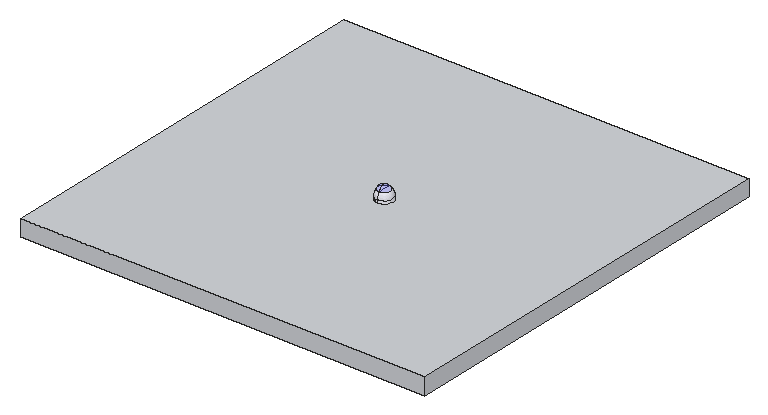
Revit family "BEG-92142", category Dispositifs d'éclairage, Revit 2015
Parameters
  Detection zone [instance] = yes
  Seat area [instance] = height position < 351 cm  # yes
  URL = "http://www.luxomat.com/en-92142"
  Type of output = "Slave"
  Ambiant temperature = "-25°C to +50°C"
  Ref = "92142"
  Relay = "0"
  height position [instance] = 250 cm
  direct Range [instance] = height position * 3.2  # 800 cm
  transversal Range [instance] = height position * 9.6  # 2400 cm
  Modèle = "PD4/S-SM"
  Installation type = "Ceiling"
  Brand = "LUXOMAT"
  Image du type = 92142.jpg
  IP = "54"
  Mounting height max = Installation height max  # 350 cm
  Installation height max = 350 cm
  Fabricant = "B.E.G"
  Label [instance] = yes
  Default Elevation = 0 cm
  Consumption = "0,26W"
  Commentaires du type = "Occupancy detector PD4/S-SM"
  Code d'assemblage = "D5010200"
  Class = "2"
  Switching power LED = "0"
  Switching power Cos ɸ =1 = "0"
  Switching power Cos ɸ =0.5 = "0"
  Power voltage = "110-240 V AC"
  seated activity [instance] = height position * 2.56  # 640 cm
Reference planes (cm)
  plane 1 "Centre (avant/arrière)": y = 0
  plane 2: z = 0
  plane 3 "Centre (gauche/droite)": x = 0
Forms (cm)
  Extrusion 1, solid
    sketch origin (0, 0, 0) x (1, 0, 0) y (0, 1, 0)
      loop
        line (-121.92, 121.92) -> (-121.92, -121.92) -> (121.92, -121.92) -> (121.92, 121.92) -> (-121.92, 121.92)
    from 0 to -10
Dimensions and locks (cm)
  aligned and locked: plane 2 to Extrusion 1
  aligned and locked: level to Extrusion 1
  aligned and locked: nested 2 to plane 2
Nested families (cm)
  nested 1: "Famille1" at (0, -72.6659, 0) x (-1, 0, 0) z (0, 0, 1), reference <- "Ref", modele <- "Modèle", visible <- "Label", type "Famille1"
    with reference "92142", modele "PD4/S-SM"
  nested 2: "M14" at (0, 0, 0), type "Standard"
  nested 3: "zone H" at (0, 0, 0) x (-1, 0, 0) z (0, 0, 1), visible <- "Detection zone", Zone assise <- "Seat area", biais <- "transversal Range", frontal <- "direct Range", activité assise <- "seated activity", type "zone H"
    with position 2 320 cm, position 1 960 cm, frontal 800 cm, biais 2400 cm, activité assise 640 cm, Zone assise yes
  nested 4: "Plafond 360° 2D" at (0, 0, 0), type "Plafond 360° 2D"
Connectors (cm)
  electrical at (0, 0, 0)
    settings: on nested 2, index 1, voltage 240 V, apparent load 0 VA, apparent load phase1 0 VA, apparent load phase2 0 VA, apparent load phase3 0 VA, power factor 1, load classification "Eclairage", number of poles 1, system type 31, power factor state 1, is connector primary yes, connector utility no, sub classification motor no, connector description ""
Definition of nested family "M14"
  Reference planes (cm)
    plane 1 "Centre (avant/arrière)": y = 0
    plane 2: z = 0
    plane 3 "Centre (gauche/droite)": x = 0
    plane 4: x = 0
  Forms (cm)
    Revolve 1, solid
      sketch origin (0, 0, 0) x (0, -1, 0) y (0, 0, 1)
        loop
          line (0, 0) -> (0, 5) -> (-3.8, 5)
          arc (-3.8, 5) -> (-4.577, 3.2225) -> (-4.8363, 1.3) r 7
          line (-4.8363, 1.3) -> (-4.9363, 1.3) -> (-5.05, 0) -> (0, 0)
        axis (0, 0) -> (0, 5)
      angle from 0 to 360
    Revolve 2, solid
      sketch origin (0, 0, 0) x (0, -1, 0) y (0, 0, 1)
        loop
          arc (0, 7.6) -> (-2.2816, 6.8864) -> (-3.75, 5) r 4.0043
          line (-3.75, 5) -> (0, 5) -> (0, 7.6)
        axis (0, 5) -> (0, 7.6)
      angle from 0 to 360
  Lines and regions (cm)
    reference lines
      curve 1: line (0, 0, 0) -> (0, 0, 7.6)
      curve 2: line (0, 0, 5) -> (0, 3.8, 5)
      curve 3: arc (0, 3.8, 5) -> (0, 4.577, 3.2225) -> (0, 4.8363, 1.3) r 7
      curve 4: line (0, 4.9363, 1.3) -> (0, 4.8363, 1.3)
      curve 5: line (0, 5.05, 0) -> (0, 4.9363, 1.3)
      curve 6: line (0, 0, 0) -> (0, 5.05, 0)
      curve 7: arc (0, 0, 7.6) -> (0, 2.2816, 6.8864) -> (0, 3.75, 5) r 4.0043
      curve 8: line (0, 3.75, 5) -> (0, 0, 5)
      curve 9: line (0, 0, 7.6) -> (0, 0, 5)
      curve 10: line (0, 0, 0) -> (0, 0, 7.6)
  Dimensions and locks (cm)
    aligned and locked: level to plane 2
    aligned and locked: Revolve 1 sketch curve to curve 1  (x2)
    aligned and locked: Revolve 1 sketch curve to curve 2
    aligned and locked: Revolve 1 sketch curve to curve 3
    aligned and locked: Revolve 1 sketch curve to curve 4
    aligned and locked: Revolve 1 sketch curve to curve 5
    aligned and locked: Revolve 1 sketch curve to curve 6
    aligned and locked: Revolve 2 sketch curve to curve 7
    aligned and locked: Revolve 2 sketch curve to curve 8
    aligned and locked: Revolve 2 sketch curve to curve 9
    aligned and locked: Revolve 2 sketch curve to curve 10
Definition of nested family "Famille1"
  Parameters (values of type "Famille1")
    reference [instance] = ""
    modele [instance] = ""
  Reference planes (cm)
    plane 1: y = 0
    plane 2: x = 0
  Text (cm)
    label "reference\n\nmodele" at (0.0074, 0.0451, 0), shows "reference", "modele"
Definition of nested family "zone H"
  Parameters (values of type "zone H")
    position 2 [instance] = (frontal / 2) * 0.8  # 320 cm
    position 1 [instance] = (biais / 2) * 0.8  # 960 cm
    frontal [instance] = 800 cm
    biais [instance] = 2400 cm
    activité assise [instance] = 640 cm
    Zone assise [instance] = yes
  Reference planes (cm)
    plane 1 "Centre (avant/arrière)": y = 0
    plane 2: z = 0
    plane 3 "Centre (gauche/droite)": x = 0
    plane 4: x = -960
    plane 5: y = -320
  Lines and regions (cm)
    detail lines, in view "Niveau de réf.", visible <- "Zone assise"
      curve 1: circle (0, 0, 0) r 320 normal (0, 0, 1)
      curve 4: spline (-105.2767, 3.2118, 0) -> (-104.9106, 3.0586, 0) -> (-103.8375, 2.9158, 0) -> (-102.1303, 2.7932, 0) -> (-99.9055, 2.6991, 0) -> (-97.3146, 2.6399, 0) -> (-94.5343, 2.6198, 0) -> (-91.7539, 2.6399, 0) -> (-89.163, 2.6991, 0) -> (-86.9382, 2.7932, 0) -> (-85.231, 2.9158, 0) -> (-84.1579, 3.0586, 0) -> (-83.7918, 3.2118, 0) -> (-84.1579, 3.365, 0) -> (-85.231, 3.5078, 0) -> (-86.9382, 3.6305, 0) -> (-89.163, 3.7245, 0) -> (-91.7539, 3.7837, 0) -> (-94.5343, 3.8039, 0) -> (-97.3146, 3.7837, 0) -> (-99.9055, 3.7245, 0) -> (-102.1303, 3.6305, 0) -> (-103.8375, 3.5078, 0) -> (-104.9106, 3.365, 0) -> (-105.2767, 3.2118, 0)
      curve 5: line (-105.2767, 3.2118, 0) -> (-103.7271, 3.5181, 0)
      curve 6: arc (-102.6495, -16.5888, 0) -> (-107.2915, -17.186, 0) -> (-111.6311, -18.9388, 0) r 18.3388
      curve 7: arc (-111.6311, -18.9388, 0) -> (-111.6982, -19.0046, 0) -> (-111.7229, -19.0953, 0) r 0.1799
      curve 8: arc (-102.4571, -17.1805, 0) -> (-106.7473, -17.5804, 0) -> (-110.8538, -18.8852, 0) r 20.1051
      curve 9: arc (-110.8538, -18.8852, 0) -> (-111.0396, -18.979, 0) -> (-111.2122, -19.0953, 0) r 1.6679
      curve 10: circle (-111.4676, -19.8292, 0) r 0.5096 normal (0, 0, 1)
      curve 11: arc (-110.898, -19.8292, 0) -> (-111.4676, -19.2597, 0) -> (-112.0372, -19.8292, 0) r 0.5696
      curve 12: arc (-110.838, -19.8292, 0) -> (-111.4676, -19.1997, 0) -> (-112.0972, -19.8292, 0) r 0.6296
      curve 13: arc (-86.4191, -16.5888, 0) -> (-81.7771, -17.186, 0) -> (-77.4374, -18.9388, 0) r 18.3388
      curve 14: arc (-77.4374, -18.9388, 0) -> (-77.3704, -19.0046, 0) -> (-77.3456, -19.0953, 0) r 0.1799
      curve 15: arc (-86.6114, -17.1805, 0) -> (-82.3212, -17.5804, 0) -> (-78.2147, -18.8852, 0) r 20.1051
      curve 16: arc (-78.2147, -18.8852, 0) -> (-78.0289, -18.979, 0) -> (-77.8563, -19.0953, 0) r 1.6679
      curve 17: circle (-77.6009, -19.8292, 0) r 0.5096 normal (0, 0, 1)
      curve 18: arc (-77.0314, -19.8292, 0) -> (-77.6009, -19.2597, 0) -> (-78.1705, -19.8292, 0) r 0.5696
      curve 19: arc (-76.9714, -19.8292, 0) -> (-77.6009, -19.1997, 0) -> (-78.2305, -19.8292, 0) r 0.6296
      curve 20: arc (-95.2593, -16.5888, 0) -> (-98.9871, -17.441, 0) -> (-102.5056, -18.9388, 0) r 21.5424
      curve 21: arc (-102.5056, -18.9388, 0) -> (-102.5726, -19.0046, 0) -> (-102.5974, -19.0953, 0) r 0.1799
      curve 22: arc (-95.2593, -17.1805, 0) -> (-98.5536, -17.8061, 0) -> (-101.7283, -18.8852, 0) r 23.9713
      curve 23: arc (-101.7283, -18.8852, 0) -> (-101.911, -18.9772, 0) -> (-102.081, -19.0909, 0) r 1.6679
      curve 24: arc (-95.0229, -17.1805, 0) -> (-98.2689, -17.8294, 0) -> (-101.4063, -18.8852, 0) r 26.0219
      curve 25: arc (-101.4063, -18.8852, 0) -> (-101.592, -18.979, 0) -> (-101.7647, -19.0953, 0) r 1.6679
      curve 26: circle (-102.181, -19.8292, 0) r 0.5096 normal (0, 0, 1)
      curve 27: arc (-101.6114, -19.8292, 0) -> (-102.181, -19.2597, 0) -> (-102.7506, -19.8292, 0) r 0.5696
      curve 28: arc (-101.5514, -19.8292, 0) -> (-102.181, -19.1997, 0) -> (-102.8106, -19.8292, 0) r 0.6296
      curve 29: arc (-93.8092, -16.5888, 0) -> (-90.0814, -17.441, 0) -> (-86.5629, -18.9388, 0) r 21.5424
      curve 30: arc (-86.5629, -18.9388, 0) -> (-86.4959, -19.0046, 0) -> (-86.4711, -19.0953, 0) r 0.1799
      curve 31: arc (-93.8092, -17.1805, 0) -> (-90.5149, -17.8061, 0) -> (-87.3402, -18.8852, 0) r 23.9713
      curve 32: arc (-87.3402, -18.8852, 0) -> (-87.1544, -18.979, 0) -> (-86.9818, -19.0953, 0) r 1.6679
      curve 33: arc (-94.0457, -17.1805, 0) -> (-90.7996, -17.8294, 0) -> (-87.6622, -18.8852, 0) r 26.0219
      curve 34: arc (-87.6622, -18.8852, 0) -> (-87.4765, -18.979, 0) -> (-87.3039, -19.0953, 0) r 1.6679
      curve 35: circle (-86.8875, -19.8292, 0) r 0.5096 normal (0, 0, 1)
      curve 36: arc (-86.3179, -19.8292, 0) -> (-86.8875, -19.2597, 0) -> (-87.4571, -19.8292, 0) r 0.5696
      curve 37: arc (-86.2579, -19.8292, 0) -> (-86.8875, -19.1997, 0) -> (-87.5171, -19.8292, 0) r 0.6296
      curve 38: arc (-103.0079, 8.8705, 0) -> (-101.8776, 5.8173, 0) -> (-98.8653, 4.5819, 0) r 4.0512
      curve 39: arc (-83.7186, 4.2269, 0) -> (-82.9538, 3.7817, 0) -> (-82.7946, 2.9112, 0) r 1.0582
      curve 40: arc (-82.7946, 2.9112, 0) -> (-84.0889, -6.227, 0) -> (-84.0703, -15.4564, 0) r 64.7189
      curve 41: arc (-84.0703, -15.4564, 0) -> (-83.933, -16.0031, 0) -> (-83.4527, -16.2981, 0) r 0.7467
      curve 42: arc (-83.4527, -16.2981, 0) -> (-80.3714, -16.8717, 0) -> (-77.238, -16.9405, 0) r 19.3577
      curve 43: arc (-77.238, -16.9405, 0) -> (-77.6363, -16.4391, 0) -> (-78.2461, -16.244, 0) r 1.1013
      curve 44: arc (-78.2461, -16.244, 0) -> (-80.4274, -15.8096, 0) -> (-82.5587, -15.1742, 0) r 23.8747
      curve 45: arc (-82.5587, -15.1742, 0) -> (-81.6045, -6.5488, 0) -> (-80.848, 2.0961, 0) r 379.1961
      curve 46: arc (-80.848, 2.0961, 0) -> (-81.0708, 4.8418, 0) -> (-83.0581, 6.7494, 0) r 3.8846
      curve 47: arc (-83.0581, 6.7494, 0) -> (-89.2141, 8.8147, 0) -> (-95.6542, 9.6431, 0) r 33.2193
      curve 48: arc (-95.6542, 9.6431, 0) -> (-94.8516, 17.305, 0) -> (-94.8609, 25.0089, 0) r 72.9952
      curve 49: arc (-95.1116, 28.28, 0) -> (-95.2196, 29.2958, 0) -> (-95.3418, 30.31, 0) r 72.9952
      curve 50: arc (-98.1747, 30.0752, 0) -> (-100.3426, 29.2913, 0) -> (-99.4886, 27.1501, 0) r 1.6042
      curve 51: arc (-95.3418, 30.31, 0) -> (-98.7298, 32.2574, 0) -> (-102.1179, 30.31, 0) r 3.9209
      curve 52: arc (-68.8418, 20.3177, 0) -> (-68.8537, 20.2265, 0) -> (-68.9411, 20.2549, 0) r 0.0597
      curve 53: arc (-70.9776, 20.5408, 0) -> (-70.9496, 20.3832, 0) -> (-71.1082, 20.3621, 0) r 0.1108
      curve 54: spline (-98.8908, 41.6409, 0) -> (-97.9793, 41.5103, 0) -> (-97.1229, 41.0855, 0) -> (-96.38, 40.3954, 0) -> (-95.8012, 39.4871, 0) -> (-95.426, 38.4224, 0) -> (-95.2799, 37.274, 0) -> (-95.3728, 36.12, 0) -> (-95.6985, 35.0392, 0) -> (-96.2348, 34.1051, 0) -> (-96.945, 33.3815, 0) -> (-97.7809, 32.9176, 0) -> (-98.6854, 32.7451, 0) -> (-99.5969, 32.8757, 0) -> (-100.4532, 33.3005, 0) -> (-101.1961, 33.9906, 0) -> (-101.7749, 34.8989, 0) -> (-102.1502, 35.9636, 0) -> (-102.2963, 37.112, 0) -> (-102.2033, 38.266, 0) -> (-101.8776, 39.3468, 0) -> (-101.3414, 40.2809, 0) -> (-100.6311, 41.0045, 0) -> (-99.7953, 41.4684, 0) -> (-98.8908, 41.6409, 0)
      curve 55: line (-74.1608, -20.3388, 0) -> (-33.3759, -20.3388, 0)
      curve 56: line (-33.3759, -20.3388, 0) -> (-33.3759, 18.6681, 0)
      curve 57: line (-33.3759, 18.6681, 0) -> (-74.1608, 18.6681, 0)
      curve 58: line (-74.1608, 18.6681, 0) -> (-74.1608, -20.3388, 0)
      curve 59: line (-74.1608, -20.3388, 0) -> (-120.7181, -20.3388, 0)
      curve 60: line (-80.1025, 18.6681, 0) -> (-27.4342, 18.6681, 0)
      curve 61: line (-27.4342, 18.6681, 0) -> (-27.4342, 20.1345, 0)
      curve 62: line (-27.4342, 20.1345, 0) -> (-80.1025, 20.1345, 0)
      curve 63: line (-80.1025, 20.1345, 0) -> (-80.1025, 18.6681, 0)
      curve 64: line (-95.5223, 2.6198, 0) -> (-93.5462, 2.6198, 0)
      curve 65: line (-93.5462, 2.6198, 0) -> (-93.5462, -16.5888, 0)
      curve 66: line (-93.5462, -16.5888, 0) -> (-95.5223, -16.5888, 0)
      curve 67: line (-95.5223, -16.5888, 0) -> (-95.5223, 2.6198, 0)
      curve 68: line (-95.5223, -16.5888, 0) -> (-102.6495, -16.5888, 0)
      curve 69: line (-111.7229, -19.0953, 0) -> (-111.2122, -19.0953, 0)
      curve 70: line (-93.8092, -16.5888, 0) -> (-94.0457, -17.1805, 0)
      curve 71: line (-94.0457, -17.1805, 0) -> (-93.8092, -17.1805, 0)
      curve 72: line (-93.8092, -17.1805, 0) -> (-94.5343, -17.1805, 0)
      curve 73: line (-94.5343, -17.1805, 0) -> (-95.2593, -17.1805, 0)
      curve 74: line (-95.2593, -17.1805, 0) -> (-95.0229, -17.1805, 0)
      curve 75: line (-95.0229, -17.1805, 0) -> (-95.2593, -16.5888, 0)
      curve 76: line (-98.1226, -17.1805, 0) -> (-102.4571, -17.1805, 0)
      curve 77: line (-112.0372, -19.8292, 0) -> (-112.0972, -19.8292, 0)
      curve 78: line (-110.898, -19.8292, 0) -> (-110.838, -19.8292, 0)
      curve 79: line (-111.3676, -19.2076, 0) -> (-111.3676, -19.0953, 0)
      curve 80: line (-111.5676, -19.2076, 0) -> (-111.5676, -19.0953, 0)
      curve 81: line (-93.5462, -16.5888, 0) -> (-86.4191, -16.5888, 0)
      curve 82: line (-77.3456, -19.0953, 0) -> (-77.8563, -19.0953, 0)
      curve 83: line (-90.9459, -17.1805, 0) -> (-86.6114, -17.1805, 0)
      curve 84: line (-77.0314, -19.8292, 0) -> (-76.9714, -19.8292, 0)
      curve 85: line (-78.1705, -19.8292, 0) -> (-78.2305, -19.8292, 0)
      curve 86: line (-77.7009, -19.2076, 0) -> (-77.7009, -19.0953, 0)
      curve 87: line (-77.5009, -19.2076, 0) -> (-77.5009, -19.0953, 0)
      curve 88: line (-102.5974, -19.0953, 0) -> (-101.7647, -19.0953, 0)
      curve 89: line (-102.7506, -19.8292, 0) -> (-102.8106, -19.8292, 0)
      curve 90: line (-101.6114, -19.8292, 0) -> (-101.5514, -19.8292, 0)
      curve 91: line (-102.081, -19.2076, 0) -> (-102.081, -19.0909, 0)
      curve 92: line (-102.281, -19.2076, 0) -> (-102.281, -19.0953, 0)
      curve 93: line (-86.4711, -19.0953, 0) -> (-87.3039, -19.0953, 0)
      curve 94: line (-86.3179, -19.8292, 0) -> (-86.2579, -19.8292, 0)
      curve 95: line (-87.4571, -19.8292, 0) -> (-87.5171, -19.8292, 0)
      curve 96: line (-86.9875, -19.2076, 0) -> (-86.9875, -19.0953, 0)
      curve 97: line (-86.7875, -19.2076, 0) -> (-86.7875, -19.0953, 0)
      curve 98: line (-98.8653, 4.5819, 0) -> (-83.7186, 4.2269, 0)
      curve 99: line (-103.0079, 8.8705, 0) -> (-102.1179, 30.31, 0)
      curve 100: line (-98.1747, 30.0752, 0) -> (-85.3255, 22.5448, 0)
      curve 101: line (-85.3255, 22.5448, 0) -> (-74.2929, 21.667, 0)
      curve 102: line (-74.2929, 21.667, 0) -> (-71.6033, 21.7219, 0)
      curve 103: line (-71.6033, 21.7219, 0) -> (-69.7371, 21.2829, 0)
      curve 104: line (-69.7371, 21.2829, 0) -> (-68.8418, 20.3177, 0)
      curve 105: line (-68.9411, 20.2549, 0) -> (-69.7808, 21.0896, 0)
      curve 106: line (-69.7808, 21.0896, 0) -> (-71.6115, 21.2989, 0)
      curve 107: line (-71.6115, 21.2989, 0) -> (-72.0159, 21.0248, 0)
      curve 108: line (-72.0159, 21.0248, 0) -> (-70.9776, 20.5408, 0)
      curve 109: line (-71.1082, 20.3621, 0) -> (-72.6656, 20.8949, 0)
      curve 110: line (-72.6656, 20.8949, 0) -> (-74.496, 20.6558, 0)
      curve 111: line (-74.496, 20.6558, 0) -> (-86.0144, 20.9158, 0)
      curve 112: line (-86.0144, 20.9158, 0) -> (-99.4886, 27.1501, 0)
      curve 113: line (-99.8644, 32.9741, 0) -> (-99.9944, 32.0479, 0)
      curve 114: line (-97.5142, 33.0301, 0) -> (-97.3718, 32.0147, 0)
      curve 115: line (-33.3759, -20.3388, 0) -> (-21.8014, -20.3388, 0)
    detail lines, in view "Niveau de réf."
      curve 2: circle (0, 0, 0) r 400 normal (0, 0, 1)
      curve 3: circle (0, 0, 0) r 1200 normal (0, 0, 1)
      curve 116: spline (2.3068, -347.7265, 0) -> (4.0856, -347.3949, 0) -> (5.7432, -346.4226, 0) -> (7.1667, -344.876, 0) -> (8.2589, -342.8603, 0) -> (8.9455, -340.5131, 0) -> (9.1797, -337.9942, 0) -> (8.9455, -335.4753, 0) -> (8.2589, -333.1281, 0) -> (7.1667, -331.1125, 0) -> (5.7432, -329.5658, 0) -> (4.0856, -328.5936, 0) -> (2.3068, -328.262, 0) -> (0.5279, -328.5936, 0) -> (-1.1297, -329.5658, 0) -> (-2.5531, -331.1125, 0) -> (-3.6453, -333.1281, 0) -> (-4.3319, -335.4753, 0) -> (-4.5661, -337.9942, 0) -> (-4.3319, -340.5131, 0) -> (-3.6453, -342.8603, 0) -> (-2.5531, -344.876, 0) -> (-1.1297, -346.4226, 0) -> (0.5279, -347.3949, 0) -> (2.3068, -347.7265, 0)
      curve 117: line (-4.7649, -335.0929, 0) -> (0.5136, -347.9212, 0)
      curve 118: line (3.5648, -348.0775, 0) -> (9.2455, -334.5266, 0)
      curve 119: line (-0.3759, -328.4588, 0) -> (-3.0011, -330.8806, 0)
      curve 120: line (3.5053, -348.5045, 0) -> (6.62, -348.3756, 0)
      curve 121: line (1.7304, -348.3525, 0) -> (3.5053, -348.5045, 0)
      curve 122: line (-4.7649, -335.0929, 0) -> (0.5136, -347.9212, 0)
      curve 123: line (-21.1936, -335.3894, 0) -> (-24.4202, -337.3623, 0)
      curve 124: line (-21.1936, -335.3894, 0) -> (-24.4202, -337.3623, 0)
      curve 125: line (-0.3759, -328.4588, 0) -> (-3.0011, -330.8806, 0)
      curve 126: line (1.7304, -348.3525, 0) -> (6.62, -348.3756, 0)
      curve 127: line (3.5648, -348.0775, 0) -> (9.2455, -334.5266, 0)
      curve 128: line (0, -320, 0) -> (0, -289.0788, 0)
      curve 129: line (0, -289.0788, 0) -> (0, -280.7814, 0)
      curve 130: spline (-957.6932, -27.7265, 0) -> (-955.9144, -27.3949, 0) -> (-954.2568, -26.4226, 0) -> (-952.8333, -24.876, 0) -> (-951.7411, -22.8603, 0) -> (-951.0545, -20.5131, 0) -> (-950.8203, -17.9942, 0) -> (-951.0545, -15.4753, 0) -> (-951.7411, -13.1281, 0) -> (-952.8333, -11.1125, 0) -> (-954.2568, -9.5658, 0) -> (-955.9144, -8.5936, 0) -> (-957.6932, -8.262, 0) -> (-959.4721, -8.5936, 0) -> (-961.1297, -9.5658, 0) -> (-962.5531, -11.1125, 0) -> (-963.6453, -13.1281, 0) -> (-964.3319, -15.4753, 0) -> (-964.5661, -17.9942, 0) -> (-964.3319, -20.5131, 0) -> (-963.6453, -22.8603, 0) -> (-962.5531, -24.876, 0) -> (-961.1297, -26.4226, 0) -> (-959.4721, -27.3949, 0) -> (-957.6932, -27.7265, 0)
      curve 131: line (-964.7649, -15.0929, 0) -> (-959.4864, -27.9212, 0)
      curve 132: line (-956.4352, -28.0775, 0) -> (-950.7545, -14.5266, 0)
      curve 133: line (-960.3759, -8.4588, 0) -> (-963.0011, -10.8806, 0)
      curve 134: line (-956.4947, -28.5045, 0) -> (-953.38, -28.3756, 0)
      curve 135: line (-958.2696, -28.3525, 0) -> (-956.4947, -28.5045, 0)
      curve 136: line (-964.7649, -15.0929, 0) -> (-959.4864, -27.9212, 0)
      curve 137: line (-981.1936, -15.3894, 0) -> (-984.4202, -17.3623, 0)
      curve 138: line (-981.1936, -15.3894, 0) -> (-984.4202, -17.3623, 0)
      curve 139: line (-960.3759, -8.4588, 0) -> (-963.0011, -10.8806, 0)
      curve 140: line (-958.2696, -28.3525, 0) -> (-953.38, -28.3756, 0)
      curve 141: line (-956.4352, -28.0775, 0) -> (-950.7545, -14.5266, 0)
      curve 142: line (-960, 0, 0) -> (-960, 30.9212, 0)
      curve 143: line (-960, 30.9212, 0) -> (-960, 39.2186, 0)
    detail lines, in view "Niveau de réf.", visible <- "Zone assise", not visible
      curve 144: spline (925.976, -22.5654, 0) -> (926.342, -22.7186, 0) -> (927.4152, -22.8614, 0) -> (929.1224, -22.984, 0) -> (931.3472, -23.0781, 0) -> (933.938, -23.1373, 0) -> (936.7184, -23.1574, 0) -> (939.4987, -23.1373, 0) -> (942.0896, -23.0781, 0) -> (944.3144, -22.984, 0) -> (946.0216, -22.8614, 0) -> (947.0948, -22.7186, 0) -> (947.4608, -22.5654, 0) -> (947.0948, -22.4122, 0) -> (946.0216, -22.2694, 0) -> (944.3144, -22.1467, 0) -> (942.0896, -22.0527, 0) -> (939.4987, -21.9935, 0) -> (936.7184, -21.9733, 0) -> (933.938, -21.9935, 0) -> (931.3472, -22.0527, 0) -> (929.1224, -22.1467, 0) -> (927.4152, -22.2694, 0) -> (926.342, -22.4122, 0) -> (925.976, -22.5654, 0)
      curve 145: line (925.976, -22.5654, 0) -> (927.5256, -22.2591, 0)
      curve 146: arc (928.6032, -42.366, 0) -> (923.9612, -42.9632, 0) -> (919.6215, -44.716, 0) r 18.3388
      curve 147: arc (919.6215, -44.716, 0) -> (919.5545, -44.7818, 0) -> (919.5297, -44.8725, 0) r 0.1799
      curve 148: arc (928.7956, -42.9577, 0) -> (924.5053, -43.3576, 0) -> (920.3988, -44.6624, 0) r 20.1051
      curve 149: arc (920.3988, -44.6624, 0) -> (920.213, -44.7562, 0) -> (920.0404, -44.8725, 0) r 1.6679
      curve 150: circle (919.7851, -45.6065, 0) r 0.5096 normal (0, 0, 1)
      curve 151: arc (920.3547, -45.6065, 0) -> (919.7851, -45.0369, 0) -> (919.2155, -45.6065, 0) r 0.5696
      curve 152: arc (920.4147, -45.6065, 0) -> (919.7851, -44.9769, 0) -> (919.1555, -45.6065, 0) r 0.6296
      curve 153: arc (944.8336, -42.366, 0) -> (949.4756, -42.9632, 0) -> (953.8152, -44.716, 0) r 18.3388
      curve 154: arc (953.8152, -44.716, 0) -> (953.8823, -44.7818, 0) -> (953.907, -44.8725, 0) r 0.1799
      curve 155: arc (944.6412, -42.9577, 0) -> (948.9315, -43.3576, 0) -> (953.038, -44.6624, 0) r 20.1051
      curve 156: arc (953.038, -44.6624, 0) -> (953.2237, -44.7562, 0) -> (953.3964, -44.8725, 0) r 1.6679
      curve 157: circle (953.6517, -45.6065, 0) r 0.5096 normal (0, 0, 1)
      curve 158: arc (954.2213, -45.6065, 0) -> (953.6517, -45.0369, 0) -> (953.0821, -45.6065, 0) r 0.5696
      curve 159: arc (954.2813, -45.6065, 0) -> (953.6517, -44.9769, 0) -> (953.0221, -45.6065, 0) r 0.6296
      curve 160: arc (935.9933, -42.366, 0) -> (932.2655, -43.2182, 0) -> (928.7471, -44.716, 0) r 21.5424
      curve 161: arc (928.7471, -44.716, 0) -> (928.68, -44.7818, 0) -> (928.6553, -44.8725, 0) r 0.1799
      curve 162: arc (935.9933, -42.9577, 0) -> (932.6991, -43.5833, 0) -> (929.5243, -44.6624, 0) r 23.9713
      curve 163: arc (929.5243, -44.6624, 0) -> (929.3417, -44.7544, 0) -> (929.1716, -44.8681, 0) r 1.6679
      curve 164: arc (936.2298, -42.9577, 0) -> (932.9838, -43.6066, 0) -> (929.8464, -44.6624, 0) r 26.0219
      curve 165: arc (929.8464, -44.6624, 0) -> (929.6606, -44.7562, 0) -> (929.488, -44.8725, 0) r 1.6679
      curve 166: circle (929.0716, -45.6065, 0) r 0.5096 normal (0, 0, 1)
      curve 167: arc (929.6412, -45.6065, 0) -> (929.0716, -45.0369, 0) -> (928.502, -45.6065, 0) r 0.5696
      curve 168: arc (929.7012, -45.6065, 0) -> (929.0716, -44.9769, 0) -> (928.442, -45.6065, 0) r 0.6296
      curve 169: arc (937.4435, -42.366, 0) -> (941.1713, -43.2182, 0) -> (944.6897, -44.716, 0) r 21.5424
      curve 170: arc (944.6897, -44.716, 0) -> (944.7568, -44.7818, 0) -> (944.7815, -44.8725, 0) r 0.1799
      curve 171: arc (937.4435, -42.9577, 0) -> (940.7377, -43.5833, 0) -> (943.9124, -44.6624, 0) r 23.9713
      curve 172: arc (943.9124, -44.6624, 0) -> (944.0982, -44.7562, 0) -> (944.2708, -44.8725, 0) r 1.6679
      curve 173: arc (937.207, -42.9577, 0) -> (940.453, -43.6066, 0) -> (943.5904, -44.6624, 0) r 26.0219
      curve 174: arc (943.5904, -44.6624, 0) -> (943.7762, -44.7562, 0) -> (943.9488, -44.8725, 0) r 1.6679
      curve 175: circle (944.3651, -45.6065, 0) r 0.5096 normal (0, 0, 1)
      curve 176: arc (944.9347, -45.6065, 0) -> (944.3651, -45.0369, 0) -> (943.7956, -45.6065, 0) r 0.5696
      curve 177: arc (944.9947, -45.6065, 0) -> (944.3651, -44.9769, 0) -> (943.7356, -45.6065, 0) r 0.6296
      curve 178: arc (928.2447, -16.9067, 0) -> (929.3751, -19.9599, 0) -> (932.3873, -21.1953, 0) r 4.0512
      curve 179: arc (947.5341, -21.5503, 0) -> (948.2989, -21.9955, 0) -> (948.4581, -22.866, 0) r 1.0582
      curve 180: arc (948.4581, -22.866, 0) -> (947.1637, -32.0042, 0) -> (947.1824, -41.2336, 0) r 64.7189
      curve 181: arc (947.1824, -41.2336, 0) -> (947.3196, -41.7803, 0) -> (947.8, -42.0753, 0) r 0.7467
      curve 182: arc (947.8, -42.0753, 0) -> (950.8812, -42.6489, 0) -> (954.0146, -42.7177, 0) r 19.3577
      curve 183: arc (954.0146, -42.7177, 0) -> (953.6164, -42.2163, 0) -> (953.0065, -42.0212, 0) r 1.1013
      curve 184: arc (953.0065, -42.0212, 0) -> (950.8253, -41.5868, 0) -> (948.6939, -40.9514, 0) r 23.8747
      curve 185: arc (948.6939, -40.9514, 0) -> (949.6481, -32.326, 0) -> (950.4047, -23.6811, 0) r 379.1961
      curve 186: arc (950.4047, -23.6811, 0) -> (950.1819, -20.9354, 0) -> (948.1945, -19.0278, 0) r 3.8846
      curve 187: arc (948.1945, -19.0278, 0) -> (942.0386, -16.9625, 0) -> (935.5985, -16.1341, 0) r 33.2193
      curve 188: arc (935.5985, -16.1341, 0) -> (936.4011, -8.4722, 0) -> (936.3918, -0.7683, 0) r 72.9952
      curve 189: arc (936.1411, 2.5028, 0) -> (936.0331, 3.5186, 0) -> (935.9108, 4.5328, 0) r 72.9952
      curve 190: arc (933.0779, 4.298, 0) -> (930.9101, 3.5141, 0) -> (931.7641, 1.3729, 0) r 1.6042
      curve 191: arc (935.9108, 4.5328, 0) -> (932.5228, 6.4802, 0) -> (929.1348, 4.5328, 0) r 3.9209
      curve 192: arc (962.4108, -5.4595, 0) -> (962.3989, -5.5507, 0) -> (962.3115, -5.5223, 0) r 0.0597
      curve 193: arc (960.275, -5.2364, 0) -> (960.303, -5.394, 0) -> (960.1444, -5.4151, 0) r 0.1108
      curve 194: spline (932.3619, 15.8637, 0) -> (933.2734, 15.7331, 0) -> (934.1297, 15.3083, 0) -> (934.8726, 14.6182, 0) -> (935.4514, 13.7099, 0) -> (935.8267, 12.6452, 0) -> (935.9728, 11.4968, 0) -> (935.8798, 10.3428, 0) -> (935.5541, 9.262, 0) -> (935.0179, 8.3279, 0) -> (934.3076, 7.6043, 0) -> (933.4718, 7.1404, 0) -> (932.5673, 6.9679, 0) -> (931.6558, 7.0985, 0) -> (930.7994, 7.5233, 0) -> (930.0565, 8.2134, 0) -> (929.4777, 9.1217, 0) -> (929.1025, 10.1864, 0) -> (928.9564, 11.3348, 0) -> (929.0493, 12.4888, 0) -> (929.375, 13.5696, 0) -> (929.9113, 14.5037, 0) -> (930.6215, 15.2273, 0) -> (931.4574, 15.6912, 0) -> (932.3619, 15.8637, 0)
      curve 195: line (957.0918, -46.116, 0) -> (997.8768, -46.116, 0)
      curve 196: line (997.8768, -46.116, 0) -> (997.8768, -7.1091, 0)
      curve 197: line (997.8768, -7.1091, 0) -> (957.0918, -7.1091, 0)
      curve 198: line (957.0918, -7.1091, 0) -> (957.0918, -46.116, 0)
      curve 199: line (957.0918, -46.116, 0) -> (910.5345, -46.116, 0)
      curve 200: line (951.1501, -7.1091, 0) -> (1003.8185, -7.1091, 0)
      curve 201: line (1003.8185, -7.1091, 0) -> (1003.8185, -5.6427, 0)
      curve 202: line (1003.8185, -5.6427, 0) -> (951.1501, -5.6427, 0)
      curve 203: line (951.1501, -5.6427, 0) -> (951.1501, -7.1091, 0)
      curve 204: line (935.7304, -23.1574, 0) -> (937.7064, -23.1574, 0)
      curve 205: line (937.7064, -23.1574, 0) -> (937.7064, -42.366, 0)
      curve 206: line (937.7064, -42.366, 0) -> (935.7304, -42.366, 0)
      curve 207: line (935.7304, -42.366, 0) -> (935.7304, -23.1574, 0)
      curve 208: line (935.7304, -42.366, 0) -> (928.6032, -42.366, 0)
      curve 209: line (919.5297, -44.8725, 0) -> (920.0404, -44.8725, 0)
      curve 210: line (937.4435, -42.366, 0) -> (937.207, -42.9577, 0)
      curve 211: line (937.207, -42.9577, 0) -> (937.4435, -42.9577, 0)
      curve 212: line (937.4435, -42.9577, 0) -> (936.7184, -42.9577, 0)
      curve 213: line (936.7184, -42.9577, 0) -> (935.9933, -42.9577, 0)
      curve 214: line (935.9933, -42.9577, 0) -> (936.2298, -42.9577, 0)
      curve 215: line (936.2298, -42.9577, 0) -> (935.9933, -42.366, 0)
      curve 216: line (933.13, -42.9577, 0) -> (928.7956, -42.9577, 0)
      curve 217: line (919.2155, -45.6065, 0) -> (919.1555, -45.6065, 0)
      curve 218: line (920.3547, -45.6065, 0) -> (920.4147, -45.6065, 0)
      curve 219: line (919.8851, -44.9848, 0) -> (919.8851, -44.8725, 0)
      curve 220: line (919.6851, -44.9848, 0) -> (919.6851, -44.8725, 0)
      curve 221: line (937.7064, -42.366, 0) -> (944.8336, -42.366, 0)
      curve 222: line (953.907, -44.8725, 0) -> (953.3964, -44.8725, 0)
      curve 223: line (940.3068, -42.9577, 0) -> (944.6412, -42.9577, 0)
      curve 224: line (954.2213, -45.6065, 0) -> (954.2813, -45.6065, 0)
      curve 225: line (953.0821, -45.6065, 0) -> (953.0221, -45.6065, 0)
      curve 226: line (953.5517, -44.9848, 0) -> (953.5517, -44.8725, 0)
      curve 227: line (953.7517, -44.9848, 0) -> (953.7517, -44.8725, 0)
      curve 228: line (928.6553, -44.8725, 0) -> (929.488, -44.8725, 0)
      curve 229: line (928.502, -45.6065, 0) -> (928.442, -45.6065, 0)
      curve 230: line (929.6412, -45.6065, 0) -> (929.7012, -45.6065, 0)
      curve 231: line (929.1716, -44.9848, 0) -> (929.1716, -44.8681, 0)
      curve 232: line (928.9716, -44.9848, 0) -> (928.9716, -44.8725, 0)
      curve 233: line (944.7815, -44.8725, 0) -> (943.9488, -44.8725, 0)
      curve 234: line (944.9347, -45.6065, 0) -> (944.9947, -45.6065, 0)
      curve 235: line (943.7956, -45.6065, 0) -> (943.7356, -45.6065, 0)
      curve 236: line (944.2651, -44.9848, 0) -> (944.2651, -44.8725, 0)
      curve 237: line (944.4651, -44.9848, 0) -> (944.4651, -44.8725, 0)
      curve 238: line (932.3873, -21.1953, 0) -> (947.5341, -21.5503, 0)
      curve 239: line (928.2447, -16.9067, 0) -> (929.1348, 4.5328, 0)
      curve 240: line (933.0779, 4.298, 0) -> (945.9271, -3.2324, 0)
      curve 241: line (945.9271, -3.2324, 0) -> (956.9598, -4.1102, 0)
      curve 242: line (956.9598, -4.1102, 0) -> (959.6493, -4.0553, 0)
      curve 243: line (959.6493, -4.0553, 0) -> (961.5155, -4.4943, 0)
      curve 244: line (961.5155, -4.4943, 0) -> (962.4108, -5.4595, 0)
      curve 245: line (962.3115, -5.5223, 0) -> (961.4719, -4.6876, 0)
      curve 246: line (961.4719, -4.6876, 0) -> (959.6412, -4.4783, 0)
      curve 247: line (959.6412, -4.4783, 0) -> (959.2367, -4.7524, 0)
      curve 248: line (959.2367, -4.7524, 0) -> (960.275, -5.2364, 0)
      curve 249: line (960.1444, -5.4151, 0) -> (958.5871, -4.8823, 0)
      curve 250: line (958.5871, -4.8823, 0) -> (956.7566, -5.1214, 0)
      curve 251: line (956.7566, -5.1214, 0) -> (945.2383, -4.8614, 0)
      curve 252: line (945.2383, -4.8614, 0) -> (931.7641, 1.3729, 0)
      curve 253: line (931.3882, 7.1969, 0) -> (931.2583, 6.2707, 0)
      curve 254: line (933.7384, 7.2529, 0) -> (933.8809, 6.2375, 0)
      curve 255: line (997.8768, -46.116, 0) -> (1009.4512, -46.116, 0)
    detail lines, in view "Niveau de réf.", not visible
      curve 256: spline (630.3724, -48.277, 0) -> (632.1512, -47.9453, 0) -> (633.8088, -46.9731, 0) -> (635.2323, -45.4264, 0) -> (636.3245, -43.4108, 0) -> (637.0111, -41.0636, 0) -> (637.2453, -38.5447, 0) -> (637.0111, -36.0258, 0) -> (636.3245, -33.6786, 0) -> (635.2323, -31.663, 0) -> (633.8088, -30.1163, 0) -> (632.1512, -29.1441, 0) -> (630.3724, -28.8124, 0) -> (628.5935, -29.1441, 0) -> (626.9359, -30.1163, 0) -> (625.5125, -31.663, 0) -> (624.4202, -33.6786, 0) -> (623.7336, -36.0258, 0) -> (623.4995, -38.5447, 0) -> (623.7336, -41.0636, 0) -> (624.4202, -43.4108, 0) -> (625.5125, -45.4264, 0) -> (626.9359, -46.9731, 0) -> (628.5935, -47.9453, 0) -> (630.3724, -48.277, 0)
      curve 257: line (623.3007, -35.6434, 0) -> (628.5792, -48.4717, 0)
      curve 258: line (631.6303, -48.628, 0) -> (637.311, -35.0771, 0)
      curve 259: line (627.6897, -29.0093, 0) -> (625.0645, -31.4311, 0)
      curve 260: line (631.5709, -49.055, 0) -> (634.6856, -48.9261, 0)
      curve 261: line (629.7959, -48.903, 0) -> (631.5709, -49.055, 0)
      curve 262: line (623.3007, -35.6434, 0) -> (628.5792, -48.4717, 0)
      curve 263: line (606.872, -35.9399, 0) -> (603.6454, -37.9127, 0)
      curve 264: line (606.872, -35.9399, 0) -> (603.6454, -37.9127, 0)
      curve 265: line (627.6897, -29.0093, 0) -> (625.0645, -31.4311, 0)
      curve 266: line (629.7959, -48.903, 0) -> (634.6856, -48.9261, 0)
      curve 267: line (631.6303, -48.628, 0) -> (637.311, -35.0771, 0)
      curve 268: line (628.0656, -20.5505, 0) -> (628.0656, 10.3707, 0)
      curve 269: line (628.0656, 10.3707, 0) -> (628.0656, 18.6681, 0)
      curve 270: spline (1030.3724, -260.777, 0) -> (1032.1512, -260.4453, 0) -> (1033.8088, -259.4731, 0) -> (1035.2323, -257.9264, 0) -> (1036.3245, -255.9108, 0) -> (1037.0111, -253.5636, 0) -> (1037.2453, -251.0447, 0) -> (1037.0111, -248.5258, 0) -> (1036.3245, -246.1786, 0) -> (1035.2323, -244.163, 0) -> (1033.8088, -242.6163, 0) -> (1032.1512, -241.6441, 0) -> (1030.3724, -241.3124, 0) -> (1028.5935, -241.6441, 0) -> (1026.9359, -242.6163, 0) -> (1025.5125, -244.163, 0) -> (1024.4202, -246.1786, 0) -> (1023.7336, -248.5258, 0) -> (1023.4995, -251.0447, 0) -> (1023.7336, -253.5636, 0) -> (1024.4202, -255.9108, 0) -> (1025.5125, -257.9264, 0) -> (1026.9359, -259.4731, 0) -> (1028.5935, -260.4453, 0) -> (1030.3724, -260.777, 0)
      curve 271: line (1023.3007, -248.1434, 0) -> (1028.5792, -260.9717, 0)
      curve 272: line (1031.6303, -261.128, 0) -> (1037.311, -247.5771, 0)
      curve 273: line (1027.6897, -241.5093, 0) -> (1025.0645, -243.9311, 0)
      curve 274: line (1031.5709, -261.555, 0) -> (1034.6856, -261.4261, 0)
      curve 275: line (1029.7959, -261.403, 0) -> (1031.5709, -261.555, 0)
      curve 276: line (1023.3007, -248.1434, 0) -> (1028.5792, -260.9717, 0)
      curve 277: line (1006.872, -248.4399, 0) -> (1003.6454, -250.4127, 0)
      curve 278: line (1006.872, -248.4399, 0) -> (1003.6454, -250.4127, 0)
      curve 279: line (1027.6897, -241.5093, 0) -> (1025.0645, -243.9311, 0)
      curve 280: line (1029.7959, -261.403, 0) -> (1034.6856, -261.4261, 0)
      curve 281: line (1031.6303, -261.128, 0) -> (1037.311, -247.5771, 0)
      curve 282: line (1028.0656, -233.0505, 0) -> (1028.0656, -202.1293, 0)
      curve 283: line (1028.0656, -202.1293, 0) -> (1028.0656, -193.8319, 0)
  Text (cm)
    text "2" at (0.4332, -361.3743, 0), in view "Niveau de réf."
    text "1" at (-959.5668, -41.3743, 0), in view "Niveau de réf."
    text "1" at (628.4988, -61.9248, 0), in view "Niveau de réf.", not visible
    text "2" at (1028.4988, -274.4248, 0), in view "Niveau de réf.", not visible
  Dimensions and locks (cm)
    "position 1": plane 4 to plane 3 "Centre (gauche/droite)"
    "position 2": plane 5 to plane 1 "Centre (avant/arrière)"
    "activité assise": diameter of curve 1
    "biais": diameter of curve 3
    "frontal": diameter of curve 2
    aligned and locked: curve 142 to plane 1 "Centre (avant/arrière)"
    aligned and locked: curve 128 to plane 3 "Centre (gauche/droite)"
    aligned and locked: plane 4 to curve 142
    aligned and locked: plane 5 to curve 128
  Automatic sketch dimensions
    curve 1 to curve 2 = 0 cm  (x2)
    curve 1 to curve 3 = 0 cm  (x2)
    curve 2 to curve 3 = 0 cm  (x2)
    plane 1 "Centre (avant/arrière)" to curve 2 = 0 cm
    curve 2 to plane 3 "Centre (gauche/droite)" = 0 cm
Definition of nested family "Plafond 360° 2D"
  Reference planes (cm)
    plane 1: y = 0
    plane 2: x = 0
  Lines and regions (cm)
    Filled region 1, type "rouge"
      outline origin (0, 0, 0) x (1, 0, 0) y (0, 1, 0)
        loop
          circle (0, 0) r 0.0294
    detail lines
      curve 1: arc (-0.1732, 0.1, 0) -> (-0.2, 0, 0) -> (-0.1732, -0.1, 0) r 0.2
      curve 2: arc (-0.1, -0.1732, 0) -> (0, -0.2, 0) -> (0.1, -0.1732, 0) r 0.2
      curve 3: arc (0.1732, -0.1, 0) -> (0.2, 0, 0) -> (0.1732, 0.1, 0) r 0.2
      curve 4: arc (0.1, 0.1732, 0) -> (0, 0.2, 0) -> (-0.1, 0.1732, 0) r 0.2
      curve 5: arc (-0.1375, 0.0794, 0) -> (-0.1588, 0, 0) -> (-0.1375, -0.0794, 0) r 0.1588
      curve 6: arc (-0.0794, -0.1375, 0) -> (0, -0.1588, 0) -> (0.0794, -0.1375, 0) r 0.1588
      curve 7: arc (0.1375, -0.0794, 0) -> (0.1588, 0, 0) -> (0.1375, 0.0794, 0) r 0.1588
      curve 8: arc (0.0794, 0.1375, 0) -> (0, 0.1588, 0) -> (-0.0794, 0.1375, 0) r 0.1588
      curve 9: arc (-0.1019, 0.0588, 0) -> (-0.1176, 0, 0) -> (-0.1019, -0.0588, 0) r 0.1176
      curve 10: arc (-0.0588, -0.1019, 0) -> (0, -0.1176, 0) -> (0.0588, -0.1019, 0) r 0.1176
      curve 11: arc (0.1019, -0.0588, 0) -> (0.1176, 0, 0) -> (0.1019, 0.0588, 0) r 0.1176
      curve 12: arc (0.0588, 0.1019, 0) -> (0, 0.1176, 0) -> (-0.0588, 0.1019, 0) r 0.1176
      curve 13: arc (-0.0294, 0, 0) -> (0, -0.0294, 0) -> (0.0294, 0, 0) r 0.0294
      curve 14: arc (0.0294, 0, 0) -> (0, 0.0294, 0) -> (-0.0294, 0, 0) r 0.0294
